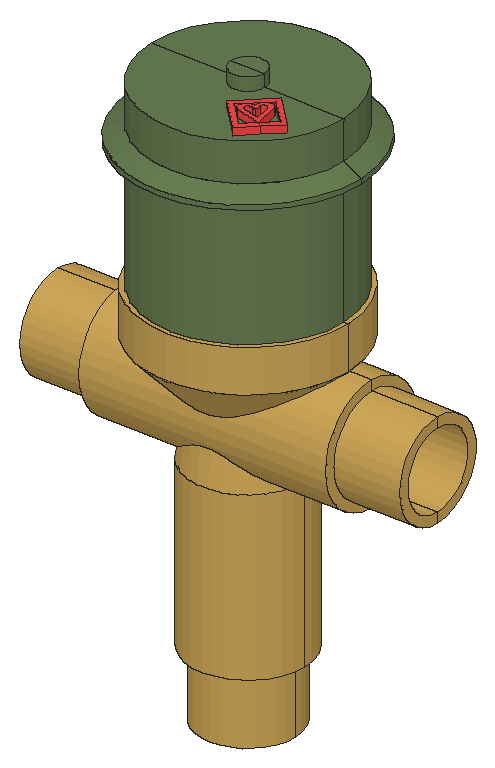
Revit family "TW Mischventil 7766 54", category Rohrzubehör, Revit 2019
Family settings
  Bemaßung runder Anschluss = Durchmesser verwenden
  Teiletyp = Unterbricht
  OmniClass-Nummer = 23.65.55.14
  OmniClass-Titel = Valves for Liquid Services
  Arbeitsebenenbasiert = Nein
  Immer vertikal = Ja
  Beim Laden mit Abzugskörper schneiden = Nein
  Gemeinsam genutzt = Nein
Parameters
  Temperaturstabilität am Ausgang = "+-2°C"  # constant formula
  Min. Übertemp. WW-MW = 15 °C  # constant formula
  Min. Durchfluss = 0.07 L/s  # constant formula
  Min. Betriebstemp. KW = "5 °C - 25 °C"  # constant formula
  Max. Betriebstemp. WW = 85 °C  # constant formula
  Max. Arbeitsdruck (dynamisch) = "0.2 - 6 bar"  # constant formula
  Warnhinweis = "• Es wird empfohlen das Ventil mindestens einmal im Jahr zu überprüfen. Bei schlechter oder unbekannter Wassergüte\r\nist die Prüfung entsprechend öfter durchzuführen.\r\n• Die Prüfung der Auslauftemperatur ist wie bei der Neuinstallation durchzuführen und darf nicht mehr als 2 °C vom\r\nErsteinstellwert abweichen.\r\n• Die Rückschlagventile sind zur Reinigung leicht zugänglich. Wir empfehlen die Verwendung einer Spitzzange um die\r\nRückschlagventile aus dem Ventilgehäuse zu ziehen. Aushebeln kann zu Beschädigungen führen.\r\n• Außer der Abnahme des Handrades und der Reinigung der Rückschlagventile ist ein weiteres Zerlegen des Ventils\r\nfür Wartungszwecke nicht vorgesehen"
  URL = "www.herz-armaturen.at"
  Temp. Einstellbereich = "35 °C - 50 °C"  # constant formula
  Spindel = "entzinkungsbeständiges Messing CW626N"  # constant formula
  Sicherheitshinweis = "Die verwendete Armatur ist eine SICHERHEITSARMATUR. Ein Austausch spätestens alle 5 Jahre wird empfohlen.\r\nNationale und regionale Normen, sowie Richtlinien sind zu beachten."
  SCTWSEQ = "AW;SBT_TYP_AW=\"104\";3"
  SCTWCODE = "04;18;03"  # constant formula
  S02 = H07 - H01 - H05  # 38.4 mm
  S01 = H00 - H01  # 61 mm
  R07 = 3.5 mm  # constant formula
  R06 = 24 mm  # constant formula
  R05 = 20.3 mm  # constant formula
  R04 = 24 mm  # constant formula
  R03 = R02 + 2 mm  # 12 mm
  R02 = Nennweite / 2  # 10 mm
  R01 = 8 mm  # constant formula
  Nennweite = 20 mm  # constant formula
  Mischtemp. (Werkseinstellung) = 45 °C  # constant formula
  Medium = "Trinkwasser"  # constant formula
  LO1 = H07 - H05  # 59.4 mm
  L02 = 21.3 mm  # constant formula
  L01 = 12 mm  # constant formula
  L00 = 40 mm  # constant formula
  Innenteil = "entzinkungsbeständiges Messing CW626N"  # constant formula
  Hinweis = "Gemäß Art 33 der REACH-Verordnung (EG Nr. 1907/2006) sind wir verpflichtet, darauf hinzuweisen, dass der Stoff Blei auf der SVHC-Liste geführt wird und dass alle aus Messing bestehenden Bauteile, die in unseren Erzeugnissen verarbeitet sind, mehr als 0,1 % (w/w) Blei (CAS: 7439-92-1 / EINECS: 231-100-4) enthalten.\r\nDa Blei als Legierungsbestandteil fest gebunden ist, sind keine Expositionen zu erwarten und daher sind keine zusätzlichen Angaben zur sicheren Verwendung notwendig."
  Hersteller = "HERZ Armaturen Ges.m.b.H."  # constant formula
  Handrad = "ABS"  # constant formula
  H08 = 8 mm  # constant formula
  H07 = 62 mm  # constant formula
  H06 = 25.4 mm  # constant formula
  H05 = 2.6 mm  # constant formula
  H04 = 35 mm  # constant formula
  H03 = 14 mm  # constant formula
  H02 = 9 mm  # constant formula
  H01 = 21 mm  # constant formula
  H00 = 82 mm  # constant formula
  Gehäuse = "entzinkungsbeständiges Messing CC770S"  # constant formula
  Funktion = "Das thermostatische Mischventil 7766 TMV wird in Anlagen mit erwärmten Trinkwasser eingesetzt.\r\nUnabhängig von Druck- oder Temperaturänderungen des im Ventil zu vermischenden Kalt- und Warmwassers, wird das gemischte Wasser konstant auf den voreingestellten Temperatur- und Durchflusswert geregelt.\r\nDas Thermostatventil arbeitet vollkommen selbstständig und ohne Hilfsenergie.\r\nDer nach der Installation einmal voreingestellte Wert der gewünschten Mischtemperatur, wird innerhalb einer regeltechnischen Hysterese konstant gehalten."
  Feder = "Edelstahl 1.4310"  # constant formula
  Durchfluss bei 3 bar = 0.7 L/s  # constant formula
  Dichtung = "EPDM"  # constant formula
  Bestellnummer = 2776654  # constant formula
  Arbeitsdruck (statisch) = 1000000.0 Pa  # constant formula
  Anschlussgewinde = "flachdichtend, G 3/4"  # constant formula
Reference planes
  plane 1 "Mitte (Vorne/hinten)": y = 0
  plane 2: z = 0
  plane 3 "Mitte (Links/rechts)": x = 0
Forms (mm)
  Revolve 1, solid, material "Kunststoff GRÜN", detail levels fine
    sketch origin (-2.352, 0, -141.797) x (1, 0, 0) y (0, 0, 1)
      loop
        line (-1.148, 201.197) -> (-17.948, 201.197) -> (-17.948, 193.197) -> (-21.648, 191.197) -> (-21.648, 190.197) -> (-17.948, 188.197) -> (-17.948, 162.797) -> (2.352, 162.797) -> (2.352, 203.797) -> (-1.148, 203.797) -> (-1.148, 201.197)
      axis (2.352, 203.797) -> (2.352, 162.797)
    angle from 0 to 360
  Revolve 2, solid, material "Messing, weicher Gelbton, geschweißt", detail levels fine
    sketch origin (101.455, 0, 0) x (1, 0, 0) y (0, 0, 1)
      loop
        line (-101.455, -49) -> (-101.455, 21) -> (-122.755, 21) -> (-122.755, 12) -> (-111.455, 0) -> (-113.455, -12) -> (-113.455, -47) -> (-111.455, -47) -> (-111.455, -61) -> (-109.455, -61) -> (-109.455, -49) -> (-101.455, -49)
      axis (-101.455, 21) -> (-101.455, -61)
    angle from 0 to 360
  Revolve 3, solid, material "Messing, weicher Gelbton, geschweißt", detail levels fine
    sketch origin (-28, 0, 0) x (1, 0, 0) y (0, 0, 1)
      loop
        line (56, 8) -> (68, 8) -> (68, 10) -> (54, 10) -> (54, 12) -> (2, 12) -> (2, 10) -> (-12, 10) -> (-12, 8) -> (0, 8) -> (0, 0) -> (56, 0) -> (56, 8)
      axis (-12, 0) -> (68, 0)
    angle from 0 to 360
Lines and regions (mm)
  model lines, detail levels coarse+medium
    curve 1: line (-40, 0, 10) -> (-40, 0, -10)
    curve 2: line (-40, 0, -10) -> (40, 0, 10)
    curve 3: line (40, 0, 10) -> (40, 0, -10)
    curve 4: line (40, 0, -10) -> (-40, 0, 10)
    curve 5: line (0, 0, 0) -> (10, 0, -61)
    curve 6: line (10, 0, -61) -> (-10, 0, -61)
    curve 7: line (-10, 0, -61) -> (0, 0, 0)
    curve 8: line (0, 0, 0) -> (0, 0, 21)
    curve 9: line (-20.3, 0, 21) -> (20.3, 0, 21)
    curve 10: line (20.3, 0, 21) -> (20.3, 0, 59.4)
    curve 11: line (20.3, 0, 59.4) -> (-20.3, 0, 59.4)
    curve 12: line (-20.3, 0, 59.4) -> (-20.3, 0, 21)
    curve 13: line (20.3, 0, 59.4) -> (-20.3, 0, 21)
    curve 14: line (-20.3, 0, 59.4) -> (20.3, 0, 21)
    curve 15: line (-40, 10, 0) -> (-40, -10, 0)
    curve 16: line (-40, -10, 0) -> (40, 10, 0)
    curve 17: line (40, 10, 0) -> (40, -10, 0)
    curve 18: line (40, -10, 0) -> (-40, 10, 0)
    curve 19: line (0, 0, 0) -> (-10, -61, 0)
    curve 20: line (-10, -61, 0) -> (10, -61, 0)
    curve 21: line (10, -61, 0) -> (0, 0, 0)
    curve 22: line (0, 0, 0) -> (0, 21, 0)
    curve 23: line (-20.3, 21, 0) -> (20.3, 21, 0)
    curve 24: line (20.3, 21, 0) -> (20.3, 59.4, 0)
    curve 25: line (20.3, 59.4, 0) -> (-20.3, 59.4, 0)
    curve 26: line (-20.3, 59.4, 0) -> (-20.3, 21, 0)
    curve 27: line (20.3, 59.4, 0) -> (-20.3, 21, 0)
    curve 28: line (-20.3, 59.4, 0) -> (20.3, 21, 0)
Dimensions and locks
  "L00": Revolve 3 sketch curve to plane 3 "Mitte (Links/rechts)" to Revolve 3 sketch curve
  "L01": Revolve 3 sketch curve to Revolve 3 sketch curve  (x2)
  "R01": Revolve 3 sketch curve to Revolve 3 sketch curve  (x2)
  "R02": Revolve 3 sketch curve to Revolve 3 sketch curve
  "L02": Revolve 2 sketch curve to Revolve 2 sketch curve
  "H02": Revolve 2 sketch curve to Revolve 2 sketch curve
  "R02": Revolve 2 sketch curve to Revolve 2 sketch curve  (x2)
  "H01": Revolve 2 sketch curve to plane 2
  "H00": Revolve 2 sketch curve to Revolve 2 sketch curve
  "H03": Revolve 2 sketch curve to Revolve 2 sketch curve
  "R03": Revolve 2 sketch curve to Revolve 2 sketch curve
  "H04": Revolve 2 sketch curve to Revolve 2 sketch curve
  "R01": Revolve 2 sketch curve to Revolve 2 sketch curve
  "L01": Revolve 2 sketch curve to Revolve 2 sketch curve
  "H03": Revolve 3 sketch curve to Revolve 3 sketch curve  (x2)
  "R03": Revolve 3 sketch curve to Revolve 3 sketch curve
  "R05": Revolve 1 sketch curve to Revolve 1 sketch curve  (x2)
  "H07": Revolve 1 sketch curve to plane 2
  "H05": Revolve 1 sketch curve to Revolve 1 sketch curve
  "H06": Revolve 1 sketch curve to Revolve 1 sketch curve
  "H08": Revolve 1 sketch curve to Revolve 1 sketch curve
  "R06": Revolve 1 sketch curve to Revolve 1 sketch curve
  "R07": Revolve 1 sketch curve to Revolve 1 sketch curve
  "R02": curve 4 to plane 2 to curve 2
  "R02": curve 3 to plane 2 to curve 4
  "L00": curve 1 to plane 3 "Mitte (Links/rechts)" to curve 3
  "R02": curve 6 to plane 3 "Mitte (Links/rechts)" to curve 7
  "S01": plane 2 to curve 6
  "H01": curve 8 to plane 2
  "S02": curve 11 to Revolve 1
  "R05": curve 12 to plane 3 "Mitte (Links/rechts)" to curve 10
  "L00": curve 15 to plane 3 "Mitte (Links/rechts)" to curve 17
  "R02": curve 16 to plane 1 "Mitte (Vorne/hinten)" to curve 18
  "R02": curve 18 to plane 1 "Mitte (Vorne/hinten)" to curve 17
  "R02": curve 20 to plane 3 "Mitte (Links/rechts)" to curve 21
  "S01": curve 20 to plane 1 "Mitte (Vorne/hinten)"
  "H01": plane 1 "Mitte (Vorne/hinten)" to curve 22
  "S02": curve 23 to curve 25
  "R05": curve 26 to plane 3 "Mitte (Links/rechts)" to curve 24
  "LO1": nested 1 to plane 2
  aligned and locked: level to plane 2
Automatic sketch dimensions
  curve 5 to level = 0 mm
  curve 8 to level = 0 mm
  plane 1 "Mitte (Vorne/hinten)" to curve 19 = 0 mm
  plane 1 "Mitte (Vorne/hinten)" to curve 22 = 0 mm
  Revolve 1 sketch curve to plane 3 "Mitte (Links/rechts)" = 0 mm  (x2)
  Revolve 1 sketch curve to Revolve 1 sketch curve = 2 mm  (x2)
  Revolve 1 sketch curve to Revolve 1 sketch curve = 1 mm
  Revolve 1 sketch curve to level = 366.045 mm
  Revolve 1 sketch curve to Revolve 1 sketch curve = 2152.315 mm
  Revolve 2 sketch curve to level = 0 mm
  Revolve 2 sketch curve to plane 3 "Mitte (Links/rechts)" = 0 mm  (x2)
  Revolve 2 sketch curve to Revolve 2 sketch curve = 0 mm
  Revolve 2 sketch curve to Revolve 2 sketch curve = 2193.315 mm
  Revolve 3 sketch curve to level = 0 mm  (x2)
  Revolve 3 sketch curve to Revolve 3 sketch curve = 2 mm
  Revolve 3 sketch curve to Revolve 3 sketch curve = 0 mm  (x2)
Nested families
  nested 1: "Herz-Logo" at (9.58, -9.58, 59.4) x (0.7071, 0.7071, 0) z (0, 0, 1), type "Herz-Logo", detail levels fine
Connectors
  piping at (-40, 0, 0), diameter 20, driven by "Nennweite"
    settings: on Revolve 3, index 1, connector inside diameter 609.6 mm, connector length 0 mm, flow factor 0, pipe flow 0.0 L/s, pressure drop 0.0 Pa, fitting loss kfactor 0, connector angle 0.00°, fixture units 0, engagement length 0 mm, angle of deflection 0.00°, flow configuration 0, flow direction 1, fitting loss method 0, system type 20, joint type 0, gender type 0, connector reference index -1, connector utility 0, adjustable connector no, is connector primary yes, connector description ""
  piping at (40, 0, 0), diameter 20, driven by "Nennweite"
    settings: on Revolve 3, index 2, connector inside diameter 609.6 mm, connector length 0 mm, flow factor 0, pipe flow 0.0 L/s, pressure drop 0.0 Pa, fitting loss kfactor 0, connector angle 0.00°, fixture units 0, engagement length 0 mm, angle of deflection 0.00°, flow configuration 0, flow direction 1, fitting loss method 0, system type 19, joint type 0, gender type 0, connector reference index -1, connector utility 0, adjustable connector no, is connector primary no, connector description ""
  piping at (0, 0, -61), diameter 20, driven by "Nennweite"
    settings: on Revolve 2, index 3, connector inside diameter 609.6 mm, connector length 0 mm, flow factor 0, pipe flow 0.0 L/s, pressure drop 0.0 Pa, fitting loss kfactor 0, connector angle 0.00°, fixture units 0, engagement length 0 mm, angle of deflection 0.00°, flow configuration 0, flow direction 2, fitting loss method 0, system type 29, joint type 0, gender type 0, connector reference index -1, connector utility 0, adjustable connector no, is connector primary no, connector description ""
Definition of nested family "Herz-Logo"
  Reference planes
    plane 1 "Mitte (Vorne/hinten)": y = 0
    plane 2: z = 0
    plane 3 "Mitte (Links/rechts)": x = 0
  Forms (mm)
    Extrusion 1, solid
      sketch origin (0, 0, 0) x (1, 0, 0) y (0, 1, 0)
        loop
          line (-0.018, -4.517) -> (4.482, -4.517) -> (4.482, 4.483) -> (-4.518, 4.483) -> (-4.518, -4.517) -> (-0.018, -4.517)
        loop
          line (-0.05, -3.48) -> (3.482, -3.48) -> (3.482, 3.483) -> (-3.518, 3.483) -> (-3.518, -3.48) -> (-0.05, -3.48)
        loop
          arc (-0.018, 2.383) -> (-1.543, 3.287) -> (-3.067, 2.383) r 1.738
          arc (-3.067, 2.383) -> (-3.191, 1.899) -> (-3.067, 1.415) r 1.009
          line (-3.067, 1.415) -> (-0.018, -3.281) -> (3.032, 1.415)
          arc (3.032, 1.415) -> (3.156, 1.899) -> (3.032, 2.383) r 1.009
          arc (3.032, 2.383) -> (1.507, 3.287) -> (-0.018, 2.383) r 1.738
        loop
          arc (1.885, 1.272) -> (2.005, 1.675) -> (1.885, 2.079) r 0.74
          arc (1.885, 2.079) -> (1.265, 2.416) -> (0.644, 2.079) r 0.74
          line (0.644, 2.079) -> (-0.018, 0.97) -> (-0.679, 2.079)
          arc (-0.679, 2.079) -> (-1.3, 2.416) -> (-1.921, 2.079) r 0.74
          arc (-1.921, 2.079) -> (-2.04, 1.675) -> (-1.921, 1.272) r 0.74
          line (-1.921, 1.272) -> (-0.018, -1.658) -> (1.885, 1.272)
      from 0 to 1.5
  Dimensions and locks
    aligned and locked: level to plane 2
